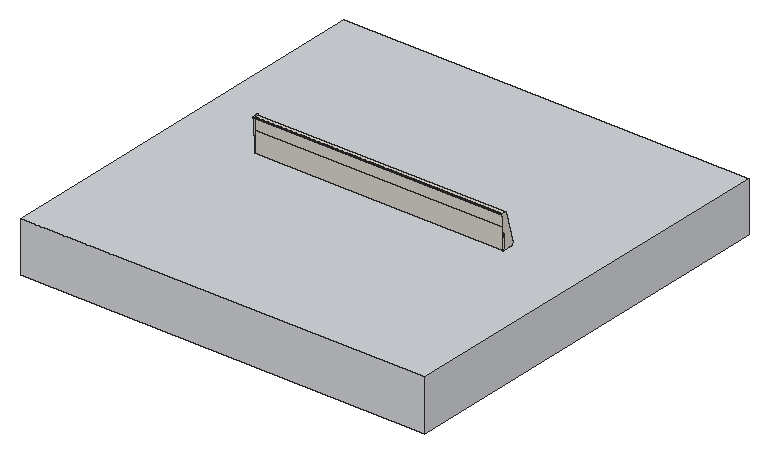
Revit family "B庇", category 一般モデル, Revit 2020
Family settings
  ホスト = 面
  鉄筋をホスト可能 = いいえ
  丸型コネクタ寸法 = 直径を使用
  パーツ タイプ = 標準
  ロード時にボイドで切り取り = いいえ
  共有 = いいえ
  部屋計算ポイント = いいえ
Parameters
  警告：長さL [instance] = no
  警告：出幅D [instance] = no
  説明 = "設置場所により庇の出幅に違いが生じても、オーソドックスなテーパー形状採用の統一された同じデザインなので、建物にしっくり馴染みます。"  # constant formula
  製造元 = "株式会社ツヅキ"  # constant formula
  色 = アルミ ステンカラー  陽極酸化塗装複合皮膜
  Default Elevation = 1219.2 mm
  断面図表記 出幅500 = no
  断面図表記 出幅400 = no
  断面図表記 出幅350 = no
  断面図表記 出幅300 [instance] = no
  断面図表記 出幅250 [instance] = no
  断面図表記 出幅200 [instance] = yes
  庇L寸法 [instance] = 1500 mm
  庇D寸法 [instance] = if(出幅500, 500 mm, if(出幅400, 400 mm, if(出幅350, 350 mm, if(出幅300, 300 mm, if(出幅250, 250 mm, 200 mm)))))  # 200 mm
  実庇L寸法 [instance] = if(庇L寸法 > 4000 mm, 4000 mm, if(庇L寸法 < 800 mm, 800 mm, 庇L寸法))  # 1500 mm
  出幅500 [instance] = no
  出幅400 [instance] = no
  出幅350 [instance] = no
  出幅300 [instance] = no
  出幅250 [instance] = no
  出幅200 [instance] = yes
  モデル = "グロンダート　Bシリーズ"  # constant formula
  URL = "https://tuzuki.co.jp/products/#gd"
Reference planes
  plane 1 "中心(正面/背面)": y = 0
  plane 2: z = 0
  plane 3 "中心(左/右)": x = 0
  plane 4: x = -750
  plane 5: x = 750
  plane 6: z = 200
Forms (mm)
  Extrusion 1, solid
    sketch origin (0, 0, 0) x (1, 0, 0) y (0, 1, 0)
      loop
        line (-1219.2, 1219.2) -> (-1219.2, -1219.2) -> (1219.2, -1219.2) -> (1219.2, 1219.2) -> (-1219.2, 1219.2)
    from 0 to -304.8
Dimensions and locks
  equal spacing: plane 4, plane 3 "中心(左/右)", plane 5
  "庇L寸法": plane 4 to plane 5
  "庇D寸法": plane 6 to level
  aligned and locked: plane 2 to Extrusion 1
  aligned and locked: level to Extrusion 1
  aligned and locked: plane 4 to nested 2
  aligned and locked: nested 2 to plane 5
  aligned and locked: plane 1 "中心(正面/背面)" to nested 2
Automatic sketch dimensions
  Extrusion 1 sketch curve to Extrusion 1 sketch curve = 2438.4 mm  (x2)
Nested families
  nested 1: "注意表示_F庇 ポール付き" at (-83.4, -830.506, 0), type "F庇ポール付き D600-3000"
  nested 2: "B庇出幅別" at (70, 0, 0), 色 <- "色", L <- "庇L寸法", type "B庇出幅別"
    with 色 アルミ ステンカラー  陽極酸化塗装複合皮膜, L 1500 mm, 断面図表記 出幅500 no, 断面図表記 出幅400 no, 断面図表記 出幅350 no, 出幅500 no, 出幅400 no, 出幅350 no
Definition of nested family "B庇出幅別"
  Parameters (values of type "B庇出幅別")
    色 [instance] = none
    Default Elevation = 1219.2 mm
    断面図表記 出幅500 = yes
    断面図表記 出幅400 = yes
    断面図表記 出幅350 = yes
    断面図表記 出幅300 = no
    断面図表記 出幅250 = no
    断面図表記 出幅200 = yes
    出幅500 = yes
    出幅400 = yes
    出幅350 = yes
    出幅300 = no
    出幅250 = no
    出幅200 = yes
    L [instance] = 1720 mm
  Reference planes
    plane 1 "中心(正面/背面)": y = 0
    plane 2: z = 0
    plane 3 "中心(左/右)": x = 0
    plane 4: x = -820
    plane 5: x = 900
  Forms (mm)
    Extrusion 1, solid
      sketch origin (0, 0, 0) x (1, 0, 0) y (0, 1, 0)
        loop
          line (-1219.2, 1219.2) -> (-1219.2, -1219.2) -> (1219.2, -1219.2) -> (1219.2, 1219.2) -> (-1219.2, 1219.2)
      from 0 to -304.8
  Dimensions and locks
    "L": plane 4 to plane 5
    aligned and locked: plane 2 to Extrusion 1
    aligned and locked: level to Extrusion 1
    aligned and locked: nested 3 to plane 5
    aligned and locked: nested 2 to plane 5
    aligned and locked: nested 1 to plane 5
    aligned and locked: plane 1 "中心(正面/背面)" to nested 2
    aligned and locked: plane 1 "中心(正面/背面)" to nested 3
    aligned and locked: plane 4 to nested 4
    aligned and locked: plane 4 to nested 5
    aligned and locked: plane 4 to nested 6
  Automatic sketch dimensions
    Extrusion 1 sketch curve to Extrusion 1 sketch curve = 2438.4 mm  (x2)
  Nested families
    nested 1: "出幅250" at (40, 0, 0), type "出幅250"
      with 断面図表記 no, L 1720 mm, D250 no, A 1716 mm
    nested 2: "出幅300" at (40, 0, 0), type "出幅300"
      with 断面図表記 no, D300 no
    nested 3: "出幅200" at (40, 0, 0), type "出幅200"
    nested 4: "出幅350" at (40, 0, 0), type "出幅350"
    nested 5: "出幅400" at (40, 0, 0), type "出幅400"
    nested 6: "出幅500" at (40, 0, 0), type "出幅500"
  Definition of nested family "出幅200"
    Parameters (values of type "出幅200")
      色 = none
      Default Elevation = 1219.2 mm
      断面図表記 = yes
      L = 1720 mm
      D200 = yes
      A = L - 4 mm  # 1716 mm
    Reference planes
      plane 1 "中心(正面/背面)": y = 0
      plane 2: z = 0
      plane 3 "中心(左/右)": x = 0
      plane 4: x = -860
      plane 5: x = 860
      plane 6: x = -858
      plane 7: x = 858
    Forms (mm)
      Extrusion 1, solid
        sketch origin (0, 0, 0) x (1, 0, 0) y (0, 1, 0)
          loop
            line (-1219.2, 1219.2) -> (-1219.2, -1219.2) -> (1219.2, -1219.2) -> (1219.2, 1219.2) -> (-1219.2, 1219.2)
        from 0 to -304.8
      Extrusion 2, solid, material <- "色", visible <- "D200"
        sketch origin (0, 0, 0) x (0, 1, 0) y (0, 0, 1)
          loop
            line (-37.924, 0) -> (23.539, 0) -> (19.477, 14.294) -> (31.5, 17.71) -> (30.953, 19.634) -> (28.453, 18.924) -> (-23, 200) -> (-48, 200) -> (-48, 196) -> (-46.625, 196) -> (-46.527, 197.954)
            arc (-46.527, 197.954) -> (-46.346, 198.314) -> (-45.958, 198.424) r 0.5
            line (-45.958, 198.424) -> (-42.949, 198) -> (-41.17, 127.897) -> (-37.924, 0)
        from -858 to 858
      Extrusion 3, solid, material <- "色", visible <- "D200"
        sketch origin (0, 0, 0) x (0, 1, 0) y (0, 0, 1)
          loop
            line (-45.434, 194) -> (-40.444, 0) -> (25.966, 0) -> (28.966, 10.5) -> (33.974, 10.5) -> (-20.327, 201.274)
            arc (-20.327, 201.274) -> (-20.686, 201.798) -> (-21.289, 202) r 1
            line (-21.289, 202) -> (-49.034, 202)
            arc (-49.034, 202) -> (-49.741, 201.697) -> (-50.034, 200.989) r 1
            line (-50.034, 200.989) -> (-50.034, 194.994)
            arc (-50.034, 194.994) -> (-49.741, 194.287) -> (-49.034, 193.994) r 1
            line (-49.034, 193.994) -> (-45.434, 194)
        from 858 to 860
      Extrusion 4, solid, material <- "色", visible <- "D200"
        sketch origin (0, 0, 0) x (0, 1, 0) y (0, 0, -1)
          loop
            line (-45.434, -194) -> (-49.034, -193.994)
            arc (-49.034, -193.994) -> (-49.741, -194.287) -> (-50.034, -194.994) r 1
            line (-50.034, -194.994) -> (-50.034, -200.989)
            arc (-50.034, -200.989) -> (-49.741, -201.697) -> (-49.034, -202) r 1
            line (-49.034, -202) -> (-21.289, -202)
            arc (-21.289, -202) -> (-20.686, -201.798) -> (-20.327, -201.274) r 1
            line (-20.327, -201.274) -> (33.974, -10.5) -> (28.966, -10.5) -> (25.966, 0) -> (-40.444, 0) -> (-45.434, -194)
        from 858 to 860
    Dimensions and locks
      equal spacing: plane 4, plane 3 "中心(左/右)", plane 5
      "L": plane 4 to plane 5
      "A": plane 6 to plane 7
      equal spacing: plane 6, plane 3 "中心(左/右)", plane 7
      aligned and locked: plane 2 to Extrusion 1
      aligned and locked: level to Extrusion 1
      aligned and locked: Extrusion 2 to plane 6
      aligned and locked: Extrusion 2 to plane 7
      aligned and locked: Extrusion 3 to Extrusion 2
      aligned and locked: Extrusion 3 to plane 5
      aligned and locked: Extrusion 4 to Extrusion 2
      aligned and locked: Extrusion 4 to plane 4
    Automatic sketch dimensions
      Extrusion 1 sketch curve to Extrusion 1 sketch curve = 2438.4 mm  (x2)
      Extrusion 2 sketch curve to level = 0 mm
      plane 1 "中心(正面/背面)" to Extrusion 2 sketch curve = 48 mm
      Extrusion 2 sketch curve to Extrusion 2 sketch curve = 1.375 mm
      Extrusion 2 sketch curve to Extrusion 2 sketch curve = 0.098 mm
      Extrusion 2 sketch curve to Extrusion 2 sketch curve = 0.499 mm
      Extrusion 2 sketch curve to Extrusion 2 sketch curve = 0.07 mm
      Extrusion 2 sketch curve to Extrusion 2 sketch curve = 3.009 mm
      plane 1 "中心(正面/背面)" to Extrusion 2 sketch curve = 41.17 mm
      plane 1 "中心(正面/背面)" to Extrusion 2 sketch curve = 37.924 mm
      Extrusion 2 sketch curve to Extrusion 2 sketch curve = 19.949 mm
      Extrusion 2 sketch curve to plane 1 "中心(正面/背面)" = 19.477 mm
      Extrusion 2 sketch curve to Extrusion 2 sketch curve = 4.062 mm
      Extrusion 2 sketch curve to Extrusion 2 sketch curve = 8.976 mm
      Extrusion 2 sketch curve to Extrusion 2 sketch curve = 2.5 mm
      level to Extrusion 2 sketch curve = 17.71 mm
      Extrusion 2 sketch curve to Extrusion 2 sketch curve = 0.547 mm
      Extrusion 2 sketch curve to Extrusion 2 sketch curve = 72.103 mm
      Extrusion 2 sketch curve to Extrusion 2 sketch curve = 4 mm
      Extrusion 2 sketch curve to Extrusion 2 sketch curve = 1.929 mm
      Extrusion 2 sketch curve to Extrusion 2 sketch curve = 0.025 mm
      Extrusion 2 sketch curve to Extrusion 2 sketch curve = 0.424 mm
      Extrusion 3 sketch curve to level = 0 mm
      plane 1 "中心(正面/背面)" to Extrusion 3 sketch curve = 50.034 mm
      Extrusion 3 sketch curve to Extrusion 3 sketch curve = 1 mm  (x2)
      Extrusion 3 sketch curve to Extrusion 3 sketch curve = 3.6 mm
      plane 1 "中心(正面/背面)" to Extrusion 3 sketch curve = 40.444 mm
      plane 1 "中心(正面/背面)" to Extrusion 3 sketch curve = 21.289 mm
      Extrusion 3 sketch curve to plane 1 "中心(正面/背面)" = 25.966 mm
      level to Extrusion 3 sketch curve = 10.5 mm
      Extrusion 3 sketch curve to Extrusion 3 sketch curve = 3 mm
      Extrusion 3 sketch curve to Extrusion 3 sketch curve = 5.008 mm
      level to Extrusion 3 sketch curve = 194 mm
      Extrusion 3 sketch curve to Extrusion 3 sketch curve = 0.994 mm
      Extrusion 3 sketch curve to Extrusion 3 sketch curve = 5.995 mm
      Extrusion 3 sketch curve to Extrusion 3 sketch curve = 7 mm
      Extrusion 3 sketch curve to Extrusion 3 sketch curve = 0 mm  (x5)
      Extrusion 3 sketch curve to Extrusion 3 sketch curve = 0.962 mm
      Extrusion 3 sketch curve to Extrusion 3 sketch curve = 0.274 mm
      Extrusion 3 sketch curve to Extrusion 3 sketch curve = 0.011 mm
      Extrusion 4 sketch curve to level = 0 mm
      plane 1 "中心(正面/背面)" to Extrusion 4 sketch curve = 50.034 mm
      Extrusion 4 sketch curve to Extrusion 4 sketch curve = 1 mm  (x2)
      Extrusion 4 sketch curve to Extrusion 4 sketch curve = 3.6 mm
      plane 1 "中心(正面/背面)" to Extrusion 4 sketch curve = 40.444 mm
      plane 1 "中心(正面/背面)" to Extrusion 4 sketch curve = 21.289 mm
      Extrusion 4 sketch curve to plane 1 "中心(正面/背面)" = 25.966 mm
      level to Extrusion 4 sketch curve = 10.5 mm
      Extrusion 4 sketch curve to Extrusion 4 sketch curve = 3 mm
      Extrusion 4 sketch curve to Extrusion 4 sketch curve = 5.008 mm
      level to Extrusion 4 sketch curve = 194 mm
      Extrusion 4 sketch curve to Extrusion 4 sketch curve = 0.994 mm
      Extrusion 4 sketch curve to Extrusion 4 sketch curve = 5.995 mm
      Extrusion 4 sketch curve to Extrusion 4 sketch curve = 7 mm
      Extrusion 4 sketch curve to Extrusion 4 sketch curve = 0 mm  (x5)
      Extrusion 4 sketch curve to Extrusion 4 sketch curve = 0.962 mm
      Extrusion 4 sketch curve to Extrusion 4 sketch curve = 0.274 mm
      Extrusion 4 sketch curve to Extrusion 4 sketch curve = 0.011 mm
  Definition of nested family "出幅350"
    Parameters (values of type "出幅350")
      色 = none
      Default Elevation = 1219.2 mm
      断面図表記 = yes
      L = 1720 mm
      D350 = yes
      A = L - 4 mm  # 1716 mm
    Reference planes
      plane 1 "中心(正面/背面)": y = 0
      plane 2: z = 0
      plane 3 "中心(左/右)": x = 0
      plane 4: x = -860
      plane 5: x = 860
      plane 6: x = -858
      plane 7: x = 858
    Forms (mm)
      Extrusion 1, solid
        sketch origin (0, 0, 0) x (1, 0, 0) y (0, 1, 0)
          loop
            line (-1219.2, 1219.2) -> (-1219.2, -1219.2) -> (1219.2, -1219.2) -> (1219.2, 1219.2) -> (-1219.2, 1219.2)
        from 0 to -304.8
      Extrusion 2, solid, material <- "色", visible <- "D350"
        sketch origin (0, 0, 0) x (0, 1, 0) y (0, 0, 1)
          loop
            line (33.67, 0) -> (30.294, 14.844) -> (40.109, 17.024) -> (-34.145, 350) -> (-59.145, 350) -> (-59.145, 346) -> (-54.11, 346) -> (-47.039, 0) -> (33.67, 0)
        from 858 to -858
      Extrusion 3, solid, material <- "色", visible <- "D350"
        sketch origin (0, 0, 0) x (0, 1, 0) y (0, 0, 1)
          loop
            line (-56.909, 343.8) -> (-49.438, 0) -> (36.35, 0) -> (39.293, 10.3) -> (44.72, 10.3) -> (-32.008, 351.8) -> (-61.509, 351.8) -> (-61.509, 343.8) -> (-56.909, 343.8)
        from -860 to -858
      Extrusion 4, solid, material <- "色", visible <- "D350"
        sketch origin (0, 0, 0) x (0, 1, 0) y (0, 0, -1)
          loop
            line (-56.909, -343.8) -> (-61.509, -343.8) -> (-61.509, -351.8) -> (-32.008, -351.8) -> (44.72, -10.3) -> (39.293, -10.3) -> (36.35, 0) -> (-49.438, 0) -> (-56.909, -343.8)
        from -860 to -858
    Dimensions and locks
      equal spacing: plane 4, plane 3 "中心(左/右)", plane 5
      "L": plane 4 to plane 5
      "A": plane 6 to plane 7
      equal spacing: plane 6, plane 3 "中心(左/右)", plane 7
      aligned and locked: plane 2 to Extrusion 1
      aligned and locked: level to Extrusion 1
      aligned and locked: Extrusion 3 to plane 4
      aligned and locked: plane 6 to Extrusion 3
      aligned and locked: Extrusion 4 to plane 5
      aligned and locked: plane 7 to Extrusion 4
      aligned and locked: Extrusion 2 to plane 7
      aligned and locked: Extrusion 2 to plane 6
    Automatic sketch dimensions
      Extrusion 1 sketch curve to Extrusion 1 sketch curve = 2438.4 mm  (x2)
      Extrusion 2 sketch curve to level = 0 mm
      plane 1 "中心(正面/背面)" to Extrusion 2 sketch curve = 59.145 mm
      Extrusion 2 sketch curve to Extrusion 2 sketch curve = 5.035 mm
      plane 1 "中心(正面/背面)" to Extrusion 2 sketch curve = 47.039 mm
      Extrusion 2 sketch curve to Extrusion 2 sketch curve = 19.965 mm
      level to Extrusion 2 sketch curve = 14.844 mm
      Extrusion 2 sketch curve to plane 1 "中心(正面/背面)" = 30.294 mm
      Extrusion 2 sketch curve to Extrusion 2 sketch curve = 3.376 mm
      level to Extrusion 2 sketch curve = 17.024 mm
      Extrusion 2 sketch curve to Extrusion 2 sketch curve = 9.815 mm
      Extrusion 2 sketch curve to Extrusion 2 sketch curve = 331.156 mm
      Extrusion 2 sketch curve to Extrusion 2 sketch curve = 4 mm
      Extrusion 3 sketch curve to level = 0 mm
      plane 1 "中心(正面/背面)" to Extrusion 3 sketch curve = 61.509 mm
      Extrusion 3 sketch curve to Extrusion 3 sketch curve = 4.6 mm
      plane 1 "中心(正面/背面)" to Extrusion 3 sketch curve = 49.438 mm
      Extrusion 3 sketch curve to Extrusion 3 sketch curve = 24.901 mm
      Extrusion 3 sketch curve to plane 1 "中心(正面/背面)" = 36.35 mm
      level to Extrusion 3 sketch curve = 10.3 mm
      Extrusion 3 sketch curve to Extrusion 3 sketch curve = 2.943 mm
      Extrusion 3 sketch curve to Extrusion 3 sketch curve = 5.427 mm
      level to Extrusion 3 sketch curve = 343.8 mm
      Extrusion 3 sketch curve to Extrusion 3 sketch curve = 8 mm
      Extrusion 4 sketch curve to level = 0 mm
      plane 1 "中心(正面/背面)" to Extrusion 4 sketch curve = 61.509 mm
      Extrusion 4 sketch curve to Extrusion 4 sketch curve = 4.6 mm
      plane 1 "中心(正面/背面)" to Extrusion 4 sketch curve = 49.438 mm
      Extrusion 4 sketch curve to Extrusion 4 sketch curve = 24.901 mm
      Extrusion 4 sketch curve to plane 1 "中心(正面/背面)" = 36.35 mm
      level to Extrusion 4 sketch curve = 10.3 mm
      Extrusion 4 sketch curve to Extrusion 4 sketch curve = 2.943 mm
      Extrusion 4 sketch curve to Extrusion 4 sketch curve = 5.427 mm
      level to Extrusion 4 sketch curve = 343.8 mm
      Extrusion 4 sketch curve to Extrusion 4 sketch curve = 8 mm
  Definition of nested family "出幅400"
    Parameters (values of type "出幅400")
      色 = none
      Default Elevation = 1219.2 mm
      断面図表記 = yes
      L = 1720 mm
      D400 = yes
      A = L - 4 mm  # 1716 mm
    Reference planes
      plane 1 "中心(正面/背面)": y = 0
      plane 2: z = 0
      plane 3 "中心(左/右)": x = 0
      plane 4: x = -860
      plane 5: x = 860
      plane 6: x = -858
      plane 7: x = 858
    Forms (mm)
      Extrusion 1, solid
        sketch origin (0, 0, 0) x (1, 0, 0) y (0, 1, 0)
          loop
            line (-1219.2, 1219.2) -> (-1219.2, -1219.2) -> (1219.2, -1219.2) -> (1219.2, 1219.2) -> (-1219.2, 1219.2)
        from 0 to -304.8
      Extrusion 2, solid, material <- "色", visible <- "D400"
        sketch origin (0, 0, 0) x (0, 1, 0) y (0, 0, 1)
          loop
            line (33.67, 0) -> (30.294, 14.844) -> (40.157, 17.035) -> (-45.245, 400) -> (-70.245, 400) -> (-70.245, 396) -> (-65.188, 396) -> (-57.139, 0) -> (33.67, 0)
        from -858 to 858
      Extrusion 3, solid, material <- "色", visible <- "D400"
        sketch origin (0, 0, 0) x (0, 1, 0) y (0, 0, 1)
          loop
            line (-68.206, 393.7) -> (-59.636, 0) -> (36.38, 0) -> (39.294, 10.2) -> (44.72, 10.2) -> (-43.307, 401.7) -> (-72.806, 401.7) -> (-72.806, 393.7) -> (-68.206, 393.7)
        from -860 to -858
      Extrusion 4, solid, material <- "色", visible <- "D400"
        sketch origin (0, 0, 0) x (0, 1, 0) y (0, 0, -1)
          loop
            line (-68.206, -393.7) -> (-72.806, -393.7) -> (-72.806, -401.7) -> (-43.307, -401.7) -> (44.72, -10.2) -> (39.294, -10.2) -> (36.38, 0) -> (-59.636, 0) -> (-68.206, -393.7)
        from -860 to -858
    Dimensions and locks
      equal spacing: plane 4, plane 3 "中心(左/右)", plane 5
      "L": plane 4 to plane 5
      "A": plane 6 to plane 7
      equal spacing: plane 6, plane 3 "中心(左/右)", plane 7
      aligned and locked: plane 2 to Extrusion 1
      aligned and locked: level to Extrusion 1
      aligned and locked: Extrusion 3 to plane 4
      aligned and locked: plane 6 to Extrusion 3
      aligned and locked: Extrusion 4 to plane 5
      aligned and locked: plane 7 to Extrusion 4
      aligned and locked: Extrusion 2 to plane 7
      aligned and locked: Extrusion 2 to plane 6
    Automatic sketch dimensions
      Extrusion 1 sketch curve to Extrusion 1 sketch curve = 2438.4 mm  (x2)
      Extrusion 2 sketch curve to level = 0 mm
      plane 1 "中心(正面/背面)" to Extrusion 2 sketch curve = 70.245 mm
      Extrusion 2 sketch curve to Extrusion 2 sketch curve = 5.057 mm
      plane 1 "中心(正面/背面)" to Extrusion 2 sketch curve = 57.139 mm
      Extrusion 2 sketch curve to Extrusion 2 sketch curve = 19.943 mm
      level to Extrusion 2 sketch curve = 14.844 mm
      Extrusion 2 sketch curve to plane 1 "中心(正面/背面)" = 30.294 mm
      Extrusion 2 sketch curve to Extrusion 2 sketch curve = 3.376 mm
      level to Extrusion 2 sketch curve = 17.035 mm
      Extrusion 2 sketch curve to Extrusion 2 sketch curve = 9.863 mm
      Extrusion 2 sketch curve to Extrusion 2 sketch curve = 381.156 mm
      Extrusion 2 sketch curve to Extrusion 2 sketch curve = 4 mm
      Extrusion 3 sketch curve to level = 0 mm
      plane 1 "中心(正面/背面)" to Extrusion 3 sketch curve = 72.806 mm
      Extrusion 3 sketch curve to Extrusion 3 sketch curve = 4.6 mm
      plane 1 "中心(正面/背面)" to Extrusion 3 sketch curve = 59.636 mm
      Extrusion 3 sketch curve to Extrusion 3 sketch curve = 24.9 mm
      Extrusion 3 sketch curve to plane 1 "中心(正面/背面)" = 36.38 mm
      level to Extrusion 3 sketch curve = 10.2 mm
      Extrusion 3 sketch curve to Extrusion 3 sketch curve = 2.914 mm
      Extrusion 3 sketch curve to Extrusion 3 sketch curve = 5.426 mm
      level to Extrusion 3 sketch curve = 393.7 mm
      Extrusion 3 sketch curve to Extrusion 3 sketch curve = 8 mm
      Extrusion 4 sketch curve to level = 0 mm
      plane 1 "中心(正面/背面)" to Extrusion 4 sketch curve = 72.806 mm
      Extrusion 4 sketch curve to Extrusion 4 sketch curve = 4.6 mm
      plane 1 "中心(正面/背面)" to Extrusion 4 sketch curve = 59.636 mm
      Extrusion 4 sketch curve to Extrusion 4 sketch curve = 24.9 mm
      Extrusion 4 sketch curve to plane 1 "中心(正面/背面)" = 36.38 mm
      level to Extrusion 4 sketch curve = 10.2 mm
      Extrusion 4 sketch curve to Extrusion 4 sketch curve = 2.914 mm
      Extrusion 4 sketch curve to Extrusion 4 sketch curve = 5.426 mm
      level to Extrusion 4 sketch curve = 393.7 mm
      Extrusion 4 sketch curve to Extrusion 4 sketch curve = 8 mm
  Definition of nested family "出幅500"
    Parameters (values of type "出幅500")
      色 = none
      Default Elevation = 1219.2 mm
      断面図表記 = yes
      L = 1720 mm
      D500 = yes
      A = L - 4 mm  # 1716 mm
    Reference planes
      plane 1 "中心(正面/背面)": y = 0
      plane 2: z = 0
      plane 3 "中心(左/右)": x = 0
      plane 4: x = -860
      plane 5: x = 860
      plane 6: x = -858
      plane 7: x = 858
    Forms (mm)
      Extrusion 1, solid
        sketch origin (0, 0, 0) x (1, 0, 0) y (0, 1, 0)
          loop
            line (-1219.2, 1219.2) -> (-1219.2, -1219.2) -> (1219.2, -1219.2) -> (1219.2, 1219.2) -> (-1219.2, 1219.2)
        from 0 to -304.8
      Extrusion 2, solid, material <- "色", visible <- "D500"
        sketch origin (0, 0, 0) x (0, 1, 0) y (0, 0, 1)
          loop
            line (70.532, 0) -> (67.203, 14.988) -> (77.139, 17.195) -> (-30.527, 500) -> (-55.527, 500) -> (-55.527, 496) -> (-50.507, 496) -> (-40.384, 0) -> (70.532, 0)
        from -858 to 858
      Extrusion 3, solid, material <- "色", visible <- "D500"
        sketch origin (0, 0, 0) x (0, 1, 0) y (0, 0, 1)
          loop
            line (-58.039, 493.7) -> (-53.439, 493.7) -> (-42.82, 0) -> (73.599, 0) -> (76.515, 10.205) -> (81.94, 10.205) -> (-28.54, 501.7) -> (-58.039, 501.7) -> (-58.039, 493.7)
        from -860 to -858
      Extrusion 4, solid, material <- "色", visible <- "D500"
        sketch origin (0, 0, 0) x (0, 1, 0) y (0, 0, -1)
          loop
            line (-58.039, -493.7) -> (-58.039, -501.7) -> (-28.54, -501.7) -> (81.94, -10.205) -> (76.515, -10.205) -> (73.599, 0) -> (-42.82, 0) -> (-53.439, -493.7) -> (-58.039, -493.7)
        from -860 to -858
    Dimensions and locks
      equal spacing: plane 4, plane 3 "中心(左/右)", plane 5
      "L": plane 4 to plane 5
      "A": plane 6 to plane 7
      equal spacing: plane 6, plane 3 "中心(左/右)", plane 7
      aligned and locked: plane 2 to Extrusion 1
      aligned and locked: level to Extrusion 1
      aligned and locked: plane 6 to Extrusion 3
      aligned and locked: Extrusion 3 to plane 4
      aligned and locked: Extrusion 4 to plane 5
      aligned and locked: plane 7 to Extrusion 4
      aligned and locked: Extrusion 2 to plane 7
      aligned and locked: Extrusion 2 to plane 6
    Automatic sketch dimensions
      Extrusion 1 sketch curve to Extrusion 1 sketch curve = 2438.4 mm  (x2)
      Extrusion 2 sketch curve to level = 0 mm
      plane 1 "中心(正面/背面)" to Extrusion 2 sketch curve = 55.527 mm
      Extrusion 2 sketch curve to Extrusion 2 sketch curve = 5.02 mm
      plane 1 "中心(正面/背面)" to Extrusion 2 sketch curve = 40.384 mm
      Extrusion 2 sketch curve to Extrusion 2 sketch curve = 19.98 mm
      level to Extrusion 2 sketch curve = 14.988 mm
      Extrusion 2 sketch curve to plane 1 "中心(正面/背面)" = 67.203 mm
      Extrusion 2 sketch curve to Extrusion 2 sketch curve = 3.329 mm
      level to Extrusion 2 sketch curve = 17.195 mm
      Extrusion 2 sketch curve to Extrusion 2 sketch curve = 9.935 mm
      Extrusion 2 sketch curve to Extrusion 2 sketch curve = 481.012 mm
      Extrusion 2 sketch curve to Extrusion 2 sketch curve = 4 mm
      Extrusion 3 sketch curve to level = 0 mm
      plane 1 "中心(正面/背面)" to Extrusion 3 sketch curve = 58.039 mm
      Extrusion 3 sketch curve to Extrusion 3 sketch curve = 4.6 mm
      plane 1 "中心(正面/背面)" to Extrusion 3 sketch curve = 42.82 mm
      Extrusion 3 sketch curve to Extrusion 3 sketch curve = 24.9 mm
      Extrusion 3 sketch curve to plane 1 "中心(正面/背面)" = 73.599 mm
      Extrusion 3 sketch curve to Extrusion 3 sketch curve = 2.916 mm
      level to Extrusion 3 sketch curve = 10.205 mm
      Extrusion 3 sketch curve to Extrusion 3 sketch curve = 5.425 mm
      level to Extrusion 3 sketch curve = 493.7 mm
      Extrusion 3 sketch curve to Extrusion 3 sketch curve = 8 mm
      Extrusion 4 sketch curve to level = 0 mm
      plane 1 "中心(正面/背面)" to Extrusion 4 sketch curve = 58.039 mm
      Extrusion 4 sketch curve to Extrusion 4 sketch curve = 4.6 mm
      plane 1 "中心(正面/背面)" to Extrusion 4 sketch curve = 42.82 mm
      Extrusion 4 sketch curve to Extrusion 4 sketch curve = 24.9 mm
      Extrusion 4 sketch curve to plane 1 "中心(正面/背面)" = 73.599 mm
      Extrusion 4 sketch curve to Extrusion 4 sketch curve = 2.916 mm
      level to Extrusion 4 sketch curve = 10.205 mm
      Extrusion 4 sketch curve to Extrusion 4 sketch curve = 5.425 mm
      level to Extrusion 4 sketch curve = 493.7 mm
      Extrusion 4 sketch curve to Extrusion 4 sketch curve = 8 mm
  Definition of nested family "出幅250"
    Parameters (values of type "出幅250")
      色 = none
      Default Elevation = 1219.2 mm
      断面図表記 = yes
      L = 1500 mm
      D250 = yes
      A = L - 4 mm  # 1496 mm
    Reference planes
      plane 1 "中心(正面/背面)": y = 0
      plane 2: z = 0
      plane 3 "中心(左/右)": x = 0
      plane 4: x = -750
      plane 5: x = 750
      plane 6: x = -748
      plane 7: x = 748
    Forms (mm)
      Extrusion 1, solid
        sketch origin (0, 0, 0) x (1, 0, 0) y (0, 1, 0)
          loop
            line (-1219.2, 1219.2) -> (-1219.2, -1219.2) -> (1219.2, -1219.2) -> (1219.2, 1219.2) -> (-1219.2, 1219.2)
        from 0 to -304.8
      Extrusion 2, solid, material <- "色", visible <- "D250"
        sketch origin (0, 0, 0) x (0, 1, 0) y (0, 0, 1)
          loop
            line (-42.306, 215.717) -> (-37.939, 0) -> (22.65, 0) -> (19.338, 14.844) -> (31.5, 17.558) -> (31.064, 19.51) -> (28.564, 18.952) -> (-23, 250) -> (-48, 250) -> (-48, 246) -> (-46.625, 246) -> (-46.528, 247.949)
            arc (-46.528, 247.949) -> (-46.349, 248.312) -> (-45.961, 248.424) r 0.5
            line (-45.961, 248.424) -> (-42.96, 248) -> (-42.306, 215.717)
        from -748 to 748
      Extrusion 3, solid, material <- "色", visible <- "D250"
        sketch origin (0, 0, 0) x (0, 1, 0) y (0, 0, 1)
          loop
            arc (-48.911, 251.994) -> (-49.618, 251.701) -> (-49.911, 250.994) r 1
            line (-49.911, 250.994) -> (-49.911, 244.989)
            arc (-49.911, 244.989) -> (-49.618, 244.282) -> (-48.894, 244) r 1
            line (-48.894, 244) -> (-45.311, 244) -> (-40.34, 0) -> (25.521, 0) -> (28.521, 10.5) -> (33.529, 10.5) -> (-20.239, 251.218)
            arc (-20.239, 251.218) -> (-20.59, 251.78) -> (-21.215, 252) r 1
            line (-21.215, 252) -> (-48.994, 252)
        from 748 to 750
      Extrusion 4, solid, material <- "色", visible <- "D250"
        sketch origin (0, 0, 0) x (0, 1, 0) y (0, 0, -1)
          loop
            arc (-48.911, -251.994) -> (-49.618, -251.701) -> (-49.911, -250.994) r 1
            line (-49.911, -250.994) -> (-49.911, -244.989)
            arc (-49.911, -244.989) -> (-49.618, -244.282) -> (-48.894, -244) r 1
            line (-48.894, -244) -> (-45.311, -244) -> (-40.34, 0) -> (25.521, 0) -> (28.521, -10.5) -> (33.529, -10.5) -> (-20.239, -251.218)
            arc (-20.239, -251.218) -> (-20.59, -251.78) -> (-21.215, -252) r 1
            line (-21.215, -252) -> (-48.994, -252)
        from 748 to 750
    Dimensions and locks
      equal spacing: plane 4, plane 3 "中心(左/右)", plane 5
      "L": plane 4 to plane 5
      "A": plane 6 to plane 7
      equal spacing: plane 6, plane 3 "中心(左/右)", plane 7
      aligned and locked: plane 2 to Extrusion 1
      aligned and locked: level to Extrusion 1
      aligned and locked: Extrusion 2 to plane 6
      aligned and locked: Extrusion 2 to plane 7
      aligned and locked: Extrusion 3 to plane 5
      aligned and locked: plane 7 to Extrusion 3
      aligned and locked: plane 6 to Extrusion 4
      aligned and locked: Extrusion 4 to plane 4
    Automatic sketch dimensions
      Extrusion 1 sketch curve to Extrusion 1 sketch curve = 2438.4 mm  (x2)
      Extrusion 2 sketch curve to level = 0 mm
      plane 1 "中心(正面/背面)" to Extrusion 2 sketch curve = 48 mm
      Extrusion 2 sketch curve to Extrusion 2 sketch curve = 1.375 mm
      Extrusion 2 sketch curve to Extrusion 2 sketch curve = 0.097 mm
      Extrusion 2 sketch curve to Extrusion 2 sketch curve = 0.5 mm
      Extrusion 2 sketch curve to Extrusion 2 sketch curve = 0.067 mm
      Extrusion 2 sketch curve to Extrusion 2 sketch curve = 3.001 mm
      plane 1 "中心(正面/背面)" to Extrusion 2 sketch curve = 37.939 mm
      Extrusion 2 sketch curve to Extrusion 2 sketch curve = 19.96 mm
      Extrusion 2 sketch curve to plane 1 "中心(正面/背面)" = 19.338 mm
      Extrusion 2 sketch curve to Extrusion 2 sketch curve = 3.313 mm
      Extrusion 2 sketch curve to Extrusion 2 sketch curve = 9.227 mm
      Extrusion 2 sketch curve to Extrusion 2 sketch curve = 2.5 mm
      Extrusion 2 sketch curve to Extrusion 2 sketch curve = 0.436 mm
      level to Extrusion 2 sketch curve = 14.844 mm
      Extrusion 2 sketch curve to Extrusion 2 sketch curve = 2.714 mm
      Extrusion 2 sketch curve to Extrusion 2 sketch curve = 1.394 mm
      Extrusion 2 sketch curve to Extrusion 2 sketch curve = 1.952 mm
      Extrusion 2 sketch curve to Extrusion 2 sketch curve = 227.048 mm
      Extrusion 2 sketch curve to Extrusion 2 sketch curve = 1.928 mm
      Extrusion 2 sketch curve to Extrusion 2 sketch curve = 0.021 mm
      Extrusion 2 sketch curve to Extrusion 2 sketch curve = 0.424 mm
      Extrusion 2 sketch curve to Extrusion 2 sketch curve = 2 mm
      Extrusion 2 sketch curve to Extrusion 2 sketch curve = 4.319 mm
      Extrusion 2 sketch curve to Extrusion 2 sketch curve = 0 mm
      Extrusion 2 sketch curve to Extrusion 2 sketch curve = 30.296 mm
      Extrusion 2 sketch curve to Extrusion 2 sketch curve = 0.013 mm
      Extrusion 3 sketch curve to level = 0 mm
      plane 1 "中心(正面/背面)" to Extrusion 3 sketch curve = 49.911 mm
      Extrusion 3 sketch curve to Extrusion 3 sketch curve = 1 mm  (x2)
      Extrusion 3 sketch curve to Extrusion 3 sketch curve = 3.6 mm
      plane 1 "中心(正面/背面)" to Extrusion 3 sketch curve = 40.34 mm
      plane 1 "中心(正面/背面)" to Extrusion 3 sketch curve = 21.215 mm
      Extrusion 3 sketch curve to plane 1 "中心(正面/背面)" = 25.521 mm
      level to Extrusion 3 sketch curve = 10.5 mm
      Extrusion 3 sketch curve to Extrusion 3 sketch curve = 3 mm
      Extrusion 3 sketch curve to Extrusion 3 sketch curve = 5.008 mm
      level to Extrusion 3 sketch curve = 244 mm
      Extrusion 3 sketch curve to Extrusion 3 sketch curve = 0.989 mm
      Extrusion 3 sketch curve to Extrusion 3 sketch curve = 6.004 mm
      Extrusion 3 sketch curve to Extrusion 3 sketch curve = 7 mm
      Extrusion 3 sketch curve to Extrusion 3 sketch curve = 0.083 mm
      Extrusion 3 sketch curve to Extrusion 3 sketch curve = 0.017 mm
      Extrusion 3 sketch curve to Extrusion 3 sketch curve = 0 mm  (x4)
      Extrusion 3 sketch curve to Extrusion 3 sketch curve = 0.976 mm
      Extrusion 3 sketch curve to Extrusion 3 sketch curve = 0.218 mm
      Extrusion 4 sketch curve to level = 0 mm
      plane 1 "中心(正面/背面)" to Extrusion 4 sketch curve = 49.911 mm
      Extrusion 4 sketch curve to Extrusion 4 sketch curve = 1 mm  (x2)
      Extrusion 4 sketch curve to Extrusion 4 sketch curve = 3.6 mm
      plane 1 "中心(正面/背面)" to Extrusion 4 sketch curve = 40.34 mm
      plane 1 "中心(正面/背面)" to Extrusion 4 sketch curve = 21.215 mm
      Extrusion 4 sketch curve to plane 1 "中心(正面/背面)" = 25.521 mm
      level to Extrusion 4 sketch curve = 10.5 mm
      Extrusion 4 sketch curve to Extrusion 4 sketch curve = 3 mm
      Extrusion 4 sketch curve to Extrusion 4 sketch curve = 5.008 mm
      level to Extrusion 4 sketch curve = 244 mm
      Extrusion 4 sketch curve to Extrusion 4 sketch curve = 0.989 mm
      Extrusion 4 sketch curve to Extrusion 4 sketch curve = 6.004 mm
      Extrusion 4 sketch curve to Extrusion 4 sketch curve = 7 mm
      Extrusion 4 sketch curve to Extrusion 4 sketch curve = 0.083 mm
      Extrusion 4 sketch curve to Extrusion 4 sketch curve = 0.017 mm
      Extrusion 4 sketch curve to Extrusion 4 sketch curve = 0 mm  (x4)
      Extrusion 4 sketch curve to Extrusion 4 sketch curve = 0.976 mm
      Extrusion 4 sketch curve to Extrusion 4 sketch curve = 0.218 mm
  Definition of nested family "出幅300"
    Parameters (values of type "出幅300")
      色 = none
      Default Elevation = 1219.2 mm
      断面図表記 = yes
      L = 1720 mm
      D300 = yes
      A = L - 4 mm  # 1716 mm
    Reference planes
      plane 1 "中心(正面/背面)": y = 0
      plane 2: z = 0
      plane 3 "中心(左/右)": x = 0
      plane 4: x = -860
      plane 5: x = 860
      plane 6: x = -858
      plane 7: x = 858
    Forms (mm)
      Extrusion 1, solid
        sketch origin (0, 0, 0) x (1, 0, 0) y (0, 1, 0)
          loop
            line (-1219.2, 1219.2) -> (-1219.2, -1219.2) -> (1219.2, -1219.2) -> (1219.2, 1219.2) -> (-1219.2, 1219.2)
        from 0 to -304.8
      Extrusion 2, solid, material <- "色", visible <- "D300"
        sketch origin (0, 0, 0) x (0, 1, 0) y (0, 0, 1)
          loop
            line (-46.369, 161.208) -> (-43.038, 0) -> (27.654, 0) -> (24.338, 14.841) -> (36.5, 17.559) -> (36.064, 19.51) -> (33.564, 18.952) -> (-29.231, 300) -> (-54.145, 300) -> (-54.145, 296) -> (-52.77, 296) -> (-52.672, 297.953)
            arc (-52.672, 297.953) -> (-52.491, 298.314) -> (-52.103, 298.423) r 0.5
            line (-52.103, 298.423) -> (-49.105, 298) -> (-46.369, 161.208)
        from -858 to 858
      Extrusion 3, solid, material <- "色", visible <- "D300"
        sketch origin (0, 0, 0) x (0, 1, 0) y (0, 0, 1)
          loop
            line (-51.813, 293.8) -> (-45.543, 0) -> (30.566, 0) -> (33.509, 10.3) -> (38.517, 10.3) -> (-26.738, 301.019)
            arc (-26.738, 301.019) -> (-27.09, 301.58) -> (-27.715, 301.8) r 1
            line (-27.715, 301.8) -> (-55.413, 301.8)
            arc (-55.413, 301.8) -> (-56.12, 301.507) -> (-56.413, 300.8) r 1
            line (-56.413, 300.8) -> (-56.414, 294.8)
            arc (-56.414, 294.8) -> (-56.12, 294.093) -> (-55.413, 293.8) r 1
            line (-55.413, 293.8) -> (-51.813, 293.8)
        from 858 to 860
      Extrusion 4, solid, material <- "色", visible <- "D300"
        sketch origin (0, 0, 0) x (0, 1, 0) y (0, 0, -1)
          loop
            line (-51.813, -293.8) -> (-55.413, -293.8)
            arc (-55.413, -293.8) -> (-56.12, -294.093) -> (-56.414, -294.8) r 1
            line (-56.414, -294.8) -> (-56.413, -300.8)
            arc (-56.413, -300.8) -> (-56.12, -301.507) -> (-55.413, -301.8) r 1
            line (-55.413, -301.8) -> (-27.715, -301.8)
            arc (-27.715, -301.8) -> (-27.09, -301.58) -> (-26.738, -301.019) r 1
            line (-26.738, -301.019) -> (38.517, -10.3) -> (33.509, -10.3) -> (30.566, 0) -> (-45.543, 0) -> (-51.813, -293.8)
        from 858 to 860
    Dimensions and locks
      equal spacing: plane 4, plane 3 "中心(左/右)", plane 5
      "L": plane 4 to plane 5
      "A": plane 6 to plane 7
      equal spacing: plane 6, plane 3 "中心(左/右)", plane 7
      aligned and locked: plane 2 to Extrusion 1
      aligned and locked: level to Extrusion 1
      aligned and locked: Extrusion 2 to plane 7
      aligned and locked: Extrusion 2 to plane 6
      aligned and locked: Extrusion 3 to plane 5
      aligned and locked: plane 7 to Extrusion 3
      aligned and locked: plane 6 to Extrusion 4
      aligned and locked: Extrusion 4 to plane 4
    Automatic sketch dimensions
      Extrusion 1 sketch curve to Extrusion 1 sketch curve = 2438.4 mm  (x2)
      Extrusion 2 sketch curve to level = 0 mm
      plane 1 "中心(正面/背面)" to Extrusion 2 sketch curve = 54.145 mm
      Extrusion 2 sketch curve to Extrusion 2 sketch curve = 1.375 mm
      Extrusion 2 sketch curve to Extrusion 2 sketch curve = 0.098 mm
      Extrusion 2 sketch curve to Extrusion 2 sketch curve = 0.499 mm
      Extrusion 2 sketch curve to Extrusion 2 sketch curve = 0.07 mm
      Extrusion 2 sketch curve to Extrusion 2 sketch curve = 2.998 mm
      plane 1 "中心(正面/背面)" to Extrusion 2 sketch curve = 46.369 mm
      plane 1 "中心(正面/背面)" to Extrusion 2 sketch curve = 43.038 mm
      Extrusion 2 sketch curve to Extrusion 2 sketch curve = 19.874 mm
      Extrusion 2 sketch curve to plane 1 "中心(正面/背面)" = 24.338 mm
      Extrusion 2 sketch curve to Extrusion 2 sketch curve = 3.316 mm
      Extrusion 2 sketch curve to Extrusion 2 sketch curve = 9.226 mm
      Extrusion 2 sketch curve to Extrusion 2 sketch curve = 2.5 mm
      level to Extrusion 2 sketch curve = 17.559 mm
      Extrusion 2 sketch curve to Extrusion 2 sketch curve = 0.436 mm
      Extrusion 2 sketch curve to Extrusion 2 sketch curve = 138.792 mm
      Extrusion 2 sketch curve to Extrusion 2 sketch curve = 4 mm
      Extrusion 2 sketch curve to Extrusion 2 sketch curve = 1.928 mm
      Extrusion 2 sketch curve to Extrusion 2 sketch curve = 0.025 mm
      Extrusion 2 sketch curve to Extrusion 2 sketch curve = 0.423 mm
      Extrusion 3 sketch curve to level = 0 mm
      plane 1 "中心(正面/背面)" to Extrusion 3 sketch curve = 55.413 mm
      Extrusion 3 sketch curve to Extrusion 3 sketch curve = 0 mm  (x8)
      Extrusion 3 sketch curve to Extrusion 3 sketch curve = 3.6 mm
      plane 1 "中心(正面/背面)" to Extrusion 3 sketch curve = 45.543 mm
      Extrusion 3 sketch curve to Extrusion 3 sketch curve = 24.099 mm
      Extrusion 3 sketch curve to plane 1 "中心(正面/背面)" = 30.566 mm
      level to Extrusion 3 sketch curve = 10.3 mm
      Extrusion 3 sketch curve to Extrusion 3 sketch curve = 2.943 mm
      Extrusion 3 sketch curve to Extrusion 3 sketch curve = 5.008 mm
      level to Extrusion 3 sketch curve = 293.8 mm
      Extrusion 3 sketch curve to Extrusion 3 sketch curve = 1 mm  (x3)
      Extrusion 3 sketch curve to Extrusion 3 sketch curve = 7 mm
      Extrusion 3 sketch curve to Extrusion 3 sketch curve = 6 mm
      Extrusion 3 sketch curve to Extrusion 3 sketch curve = 0.976 mm
      Extrusion 3 sketch curve to Extrusion 3 sketch curve = 0.001 mm  (x2)
      Extrusion 3 sketch curve to Extrusion 3 sketch curve = 0.218 mm
      Extrusion 4 sketch curve to level = 0 mm
      plane 1 "中心(正面/背面)" to Extrusion 4 sketch curve = 55.413 mm
      Extrusion 4 sketch curve to Extrusion 4 sketch curve = 0 mm  (x8)
      Extrusion 4 sketch curve to Extrusion 4 sketch curve = 3.6 mm
      plane 1 "中心(正面/背面)" to Extrusion 4 sketch curve = 45.543 mm
      Extrusion 4 sketch curve to Extrusion 4 sketch curve = 24.099 mm
      Extrusion 4 sketch curve to plane 1 "中心(正面/背面)" = 30.566 mm
      level to Extrusion 4 sketch curve = 10.3 mm
      Extrusion 4 sketch curve to Extrusion 4 sketch curve = 2.943 mm
      Extrusion 4 sketch curve to Extrusion 4 sketch curve = 5.008 mm
      level to Extrusion 4 sketch curve = 293.8 mm
      Extrusion 4 sketch curve to Extrusion 4 sketch curve = 1 mm  (x3)
      Extrusion 4 sketch curve to Extrusion 4 sketch curve = 7 mm
      Extrusion 4 sketch curve to Extrusion 4 sketch curve = 6 mm
      Extrusion 4 sketch curve to Extrusion 4 sketch curve = 0.976 mm
      Extrusion 4 sketch curve to Extrusion 4 sketch curve = 0.001 mm  (x2)
      Extrusion 4 sketch curve to Extrusion 4 sketch curve = 0.218 mm
Definition of nested family "注意表示_F庇 ポール付き"
  Parameters (values of type "F庇ポール付き D600-3000")
    警告文表示 = if(or(警告：出幅D, 警告：長さL, 警告3, 警告4, 警告5, 警告6), "【警告事項】", "")  # ""
    警告文2表示 = if(or(警告：出幅D, 警告：長さL, 警告3, 警告4, 警告5, 警告6), "ご不明な点につきましては弊社までお問い合わせください。", "")  # ""
    警告文1表示 = if(or(警告：出幅D, 警告：長さL, 警告3, 警告4, 警告5, 警告6), "庇L寸法が15000mmを超える場合は10mmのシーリング目地を設けて2分割としてください。", "")  # ""
    警告6 = no
    警告5 = no
    警告4 = no
    警告：出幅D = no
    警告3 = no
    警告：長さL = no
    注意文表示 = "【注意喚起】"  # constant formula
    注意文4 = "　　ご不明な点につきましては弊社までお問い合わせください。※※"  # constant formula
    注意文3 = "※※強度計算は物件ごとに行っております。ポール位置などモデルと異なる場合がございます。"  # constant formula
    注意文2 = "製作および取付不可能なオブジェクトが作成される恐れがございます。"  # constant formula
    注意文1 = "モデルの作成につきまして、適切な数値をご入力いただけない場合、"  # constant formula
    パラメーター6 = if(警告6, "", "")  # ""
    パラメーター5 = if(警告5, "", "")  # ""
    パラメーター4 = if(警告4, "", "")  # ""
    パラメーター3 = if(警告3, "", "")  # ""
    パラメーター2 = if(警告3, "", "")  # ""
    パラメーター1 = if(警告：長さL, "", "")  # ""
  Reference planes
    plane 1: y = 0
    plane 2: x = 0
  Text (mm)
    label "注意文表示\n注意文1\n注意文2\n注意文3\n注意文4\n警告文表示\n警告文1表示\n警告文2表示\nパラメーター1\nパラメーター2\nパラメーター3\nパラメーター4\nパラメーター5\nパラメーター6" at (-24.99, 13.041, 0), shows "注意文表示", "注意文1", "注意文2", "注意文3", "注意文4", "警告文表示", "警告文1表示", "警告文2表示", "パラメーター1", "パラメーター2", "パラメーター3", "パラメーター4", "パラメーター5", "パラメーター6"
